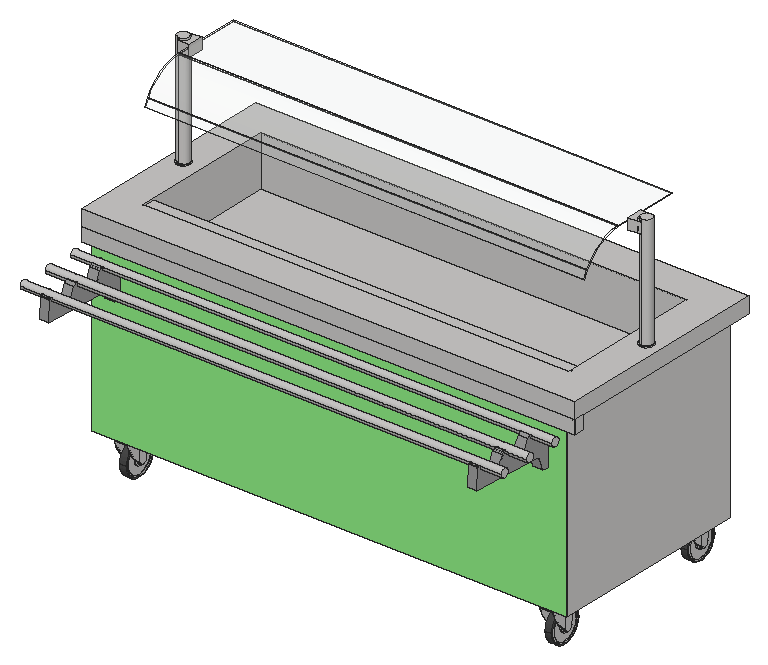
Revit family "QF_BOURGEAT_Self_Bain_marie_air_5GN", category Equipement spécialisé, Revit 2015
Parameters (values of type "5GN_reserve+roues+presentoir_neutre")
  URL catalogue = "http://www.bourgeat.fr/fr/"
  URL = ""
  Type de Raccord Electrique = ""
  Type article = ""
  Tension = 230 V
  Spécification du Fabricant = "Bain-marie Oasis"
  Roues = yes
  Remarques Electricité = ""
  Puissance électrique  = 4200 W
  Profondeur hors tout = 820 mm
  Poids net à vide = 215.00 kg
  Pieds = no
  lgmeuble = Longueur hors tout - 68 mm  # 1791 mm
  lgconsole = Longueur hors tout - 44 mm  # 1815 mm
  lg_presentoir = lgmeuble - 44 mm  # 1747 mm
  lg_porte = (lg_etagere / 2) + 10 mm  # 703.5 mm
  lg_etagere = lgmeuble - 404 mm  # 1387 mm
  Reserves = yes
  Presentoir = yes
  Phase = 2
  Nature isolant = "Laine de verre"
  Modèle = "851215+854950+851315"
  Longueur hors tout = 1859 mm
  Intensité nominale = 18.2609 A
  Indice de protection = "21"
  Hauteur hors tout = 1330 mm
  Fréquence = 50 Hz
  Fabricant = "BOURGEAT"
  Etageres = no
  Cuve à eau = no
  Cuve à air = yes
  Contact SAV = "0033 (0)4.76.32.14.44"
  Charge max = 200.00 kg
  Certification = "NF alimentaire"
Types (18, lengths in mm): name | Roues | Puissance électrique  | Poids net à vide | Pieds | Reserves | Presentoir | Modèle | Intensité nominale | Hauteur hors tout | Etageres
  5GN_baie_libre | no | 3300 W | 190.00 kg | yes | no | no | "851015" | 14.3478 A | 900 | no
  5GN_reserve | no | 4200 W | 190.00 kg | yes | yes | no | "851215" | 18.2609 A | 900 | no
  5GN_baie_libre+roues | yes | 3300 W | 190.00 kg | no | no | no | "851015+854950" | 14.3478 A | 900 | no
  5GN_baie_libre+etageres | no | 3300 W | 190.00 kg | yes | no | no | "851015+854935" | 14.3478 A | 900 | yes
  5GN_baie_libre+presentoir_neutre | no | 3300 W | 215.00 kg | yes | no | yes | "851015+851315" | 14.3478 A | 1330 | no
  5GN_baie_libre+presentoir_chauffant | no | 4100 W | 215.00 kg | yes | no | yes | "851015+851305" | 17.8261 A | 1330 | no
  5GN_baie_libre+roues+etageres | yes | 3300 W | 190.00 kg | no | no | no | "851015+854950+854935" | 14.3478 A | 900 | yes
  5GN_baie_libre+roues+presentoir_neutre | yes | 3300 W | 215.00 kg | no | no | yes | "851015+854950+851315" | 14.3478 A | 1330 | no
  5GN_baie_libre+roues+presentoir_chauffant | yes | 4100 W | 215.00 kg | no | no | yes | "851015+854950+851305" | 17.8261 A | 1330 | no
  5GN_baie_libre+etageres+presentoir_neutre | no | 3300 W | 215.00 kg | yes | no | yes | "851015+854935+851315" | 14.3478 A | 1330 | yes
  5GN_baie_libre+etageres+presentoir_chauffant | no | 4100 W | 215.00 kg | yes | no | yes | "851015+854935+851305" | 17.8261 A | 1330 | yes
  5GN_baie_libre+etageres+presentoir_chauffant+roues | yes | 4100 W | 215.00 kg | no | no | yes | "851015+854935+851305+854950" | 17.8261 A | 1330 | yes
  5GN_baie_libre+etageres+presentoir_neutre+roues | no | 3300 W | 215.00 kg | yes | no | yes | "851015+854935+851315+854950" | 14.3478 A | 1330 | yes
  5GN_reserve+roues | yes | 4200 W | 190.00 kg | no | yes | no | "851215+854950" | 18.2609 A | 900 | no
  5GN_reserve+presentoir_neutre | no | 4200 W | 215.00 kg | yes | yes | yes | "851215+851315" | 18.2609 A | 1330 | no
  5GN_reserve+presentoir_chauffant | no | 5000 W | 215.00 kg | yes | yes | yes | "851215+851315" | 21.7391 A | 1330 | no
  5GN_reserve+roues+presentoir_neutre | yes | 4200 W | 215.00 kg | no | yes | yes | "851215+854950+851315" | 18.2609 A | 1330 | no
  5GN_reserve+roues+presentoir_chauffant | yes | 5000 W | 215.00 kg | no | yes | yes | "851215+854950+851305" | 21.7391 A | 1330 | no
Reference planes
  plane 1 "Centre (avant/arrière)": y = 0
  plane 2: z = 0
  plane 3 "Centre (gauche/droite)": x = 0
  plane 4: z = 235
  plane 5: z = 465
  plane 6: y = 820
  plane 7: z = 284
  plane 8: z = 640
  plane 9: y = 598
  plane 10: x = -2081
  plane 11: z = 765
  plane 12: x = -2060
  plane 13: x = -448.75
Forms (mm)
  Extrusion 1, solid
    sketch origin (0, 0, 0) x (1, 0, 0) y (0, 1, 0)
      loop
        circle (-2081, 598) r 10
    from 147.743 to 160
Dimensions and locks
  locked: nested 2 to plane 2 at 905
  locked: plane 4 to plane 2 at 235
  locked: plane 6 to nested 1 at 47
  locked: plane 7 to plane 2 at 284
  nested 1 to plane 2 = 160 mm
  locked: plane 8 to plane 2 at 640
  locked: nested 1 to plane 10 at 69
  locked: nested 1 to plane 9 at 175
  locked: nested 11 to plane 11 at 135
  locked: nested 1 to plane 12 at 90
  nested 1 to plane 13 = 89.75 mm
  locked: plane 13 to nested 1 at 89.75
  aligned and locked: level to plane 2
  aligned and locked: plane 4 to nested 8
  aligned and locked: nested 9 to plane 5
  aligned and locked: nested 7 to nested 8
  aligned and locked: nested 9 to nested 1  (x2)
  aligned and locked: nested 7 to nested 1
  aligned and locked: nested 8 to nested 1  (x2)
  aligned and locked: plane 6 to nested 11
  aligned and locked: plane 6 to nested 10
  aligned and locked: nested 10 to nested 1  (x2)
  aligned and locked: nested 11 to nested 10
  aligned and locked: nested 11 to plane 1 "Centre (avant/arrière)"  (x2)
  aligned and locked: nested 1 to nested 2
  aligned and locked: nested 2 to nested 11
  aligned and locked: nested 11 to nested 1
  aligned and locked: nested 4 to nested 11
  aligned and locked: nested 12 to nested 1
  aligned and locked: nested 12 to nested 9
  aligned and locked: nested 12 to nested 13
  aligned and locked: plane 2 to nested 4
  aligned and locked: nested 5 to plane 2
  aligned and locked: nested 6 to plane 2
  aligned and locked: nested 11 to nested 5
  aligned and locked: nested 11 to nested 6
  aligned and locked: nested 11 to nested 2
  aligned and locked: nested 1 to nested 14  (x2)
  aligned and locked: nested 14 to nested 1
  aligned and locked: nested 11 to nested 15
  aligned and locked: nested 3 to nested 11
  aligned and locked: nested 16 to nested 14  (x2)
  aligned and locked: nested 1 to nested 16
  aligned and locked: nested 15 to plane 7
  aligned and locked: nested 3 to nested 17  (x2)
  aligned and locked: nested 4 to nested 18  (x2)
  aligned and locked: nested 6 to nested 19  (x2)
  aligned and locked: nested 5 to nested 20  (x2)
  aligned and locked: plane 8 to nested 7
  aligned and locked: plane 10 to Extrusion 1 sketch curve
  aligned and locked: plane 9 to Extrusion 1 sketch curve
  aligned and locked: Extrusion 1 to nested 1
  aligned and locked: nested 1 to nested 21
  aligned and locked: nested 1 to nested 22
  aligned and locked: plane 11 to nested 21
  aligned and locked: nested 21 to plane 12
  aligned and locked: nested 13 to nested 1
  aligned and locked: nested 22 to plane 11
  aligned and locked: nested 22 to plane 13
Nested families
  nested 1: "corps_meuble" at (-359, 8, 160), type "corps_meuble"
    with lg_meuble 1791 mm
  nested 2: "presentoir" at (-1254.5, 410, 551.997) x (0, 1, 0) z (0, 0, 1), visible <- "Presentoir", type "presentoir"
    with lg_presentoir 1747 mm
  nested 3: "pied" at (-2057, 720, 0), visible <- "Pieds", type "pied"
  nested 4: "pied" at (-2057, 58.814, 0), visible <- "Pieds", type "pied"
  nested 5: "pied" at (-452, 700, 0), visible <- "Pieds", type "pied"
  nested 6: "pied" at (-452, 58.814, 0), visible <- "Pieds", type "pied"
  nested 7: "barre_et_console" at (-1254.5, 8, 465) x (-1, 0, 0) z (0, 0, 1), type "barre_et_console"
    with lg_barre_console 1815 mm
  nested 8: "etagere" at (-1254.5, 88, 197) x (-1, 0, 0) z (0, 0, 1), visible <- "Etageres", type "etagere"
    with lg_etagere 1387 mm
  nested 9: "etagere" at (-1254.5, 88, 427) x (-1, 0, 0) z (0, 0, 1), visible <- "Etageres", type "etagere"
    with lg_etagere 1387 mm
  nested 10: "cuve" at (-1254.5, 410, 708), visible <- "Cuve à air", type "cuve_air"
    with lg_cuve 1859 mm, lg_bloc_ventillation 1605 mm
  nested 11: "cuve" at (-1254.5, 410, 708), visible <- "Cuve à eau", type "cuve_eau"
    with lg_cuve 1859 mm, lg_bloc_ventillation 1605 mm
  nested 12: "porte" at (-1244.5, 735, 160), visible <- "Reserves", type "porte"
    with lg_porte 703.5 mm
  nested 13: "porte" at (-561, 757, 160), visible <- "Reserves", type "porte"
    with lg_porte 703.5 mm
  nested 14: "bandeau" at (-1254.5, 773, 657), type "bandeau"
    with lg_bandeau 1387 mm
  nested 15: "IHM" at (-3637.78, 529.137, -323.91) x (-1, 0, 0) z (0, 0, 1), type "IHM"
  nested 16: "rail_porte" at (-1254.5, 763, 567), visible <- "Reserves", type "rail_porte"
    with lg_rail 1387 mm
  nested 17: "roue_ht160" at (-2057, 720, 0), visible <- "Roues", type "roue_ht160"
    with Sans frein yes, Avec frein yes
  nested 18: "roue_ht160" at (-2057, 58.814, 0), visible <- "Roues", type "roue_ht160"
    with Sans frein yes, Avec frein no
  nested 19: "roue_ht160" at (-452, 58.814, 0), visible <- "Roues", type "roue_ht160"
    with Sans frein yes, Avec frein no
  nested 20: "roue_ht160" at (-452, 700, 0), visible <- "Roues", type "roue_ht160"
    with Sans frein yes, Avec frein yes
  nested 21: "Prise" at (-2017, 798, 722), type "Prise"
  nested 22: "Prise" at (-491.75, 798, 722), type "Prise"
Connectors
  electrical at (-2081, 598, 147.743), driven by "Tension"
    settings: on Extrusion 1, index 1, voltage 230 V, apparent load 0 VA, apparent load phase1 3300 VA, apparent load phase2 0 VA, apparent load phase3 0 VA, power factor 1, load classification "Autre", number of poles 1, system type 30, power factor state 1, is connector primary yes, connector utility no, sub classification motor no, connector description ""
Definition of nested family "corps_meuble"
  Parameters (values of type "corps_meuble")
    lg_meuble = 1141 mm
  Reference planes
    plane 1 "Centre (avant/arrière)": y = 0
    plane 2: z = 0
    plane 3 "Centre (gauche/droite)": x = 0
    plane 4: x = -480.227
    plane 5: z = 680
    plane 6: x = -570.5
    plane 7: x = -379.227
    plane 8: x = -1141
    plane 9: x = -1091
    plane 10: x = -202
    plane 11: x = -50
    plane 12: x = -939
    plane 13: y = -1
  Forms (mm)
    Extrusion 1, solid
      sketch origin (-379.227, -50.814, 0) x (1, 0, 0) y (0, 1, 0)
        loop
          line (-761.773, 815.814) -> (-761.773, 50.814) -> (379.227, 50.814) -> (379.227, 815.814) -> (177.227, 815.814) -> (177.227, 130.814) -> (-559.773, 130.814) -> (-559.773, 815.814) -> (-761.773, 815.814)
      from 0 to 680
    Extrusion 2, void
      sketch origin (-379.227, 0, 0) x (1, 0, 0) y (0, 1, 0)
        loop
          line (-711.773, 699.99) -> (-711.773, 119.99) -> (329.227, 119.99) -> (329.227, 699.99) -> (-711.773, 699.99)
      from 541.178 to 680
    Extrusion 3, solid
      sketch origin (0, 0, 0) x (1, 0, 0) y (0, 0, 1)
        loop
          line (-1141, 680) -> (-1141, 0) -> (0, 0) -> (0, 680) -> (-1141, 680)
      from 0 to 1
  Cuts and joins
    Extrusion 2 cuts Extrusion 1
  Dimensions and locks
    locked: plane 5 to plane 2 at 680
    locked: plane 8 to plane 9 at 50
    locked: plane 10 to plane 3 "Centre (gauche/droite)" at 202
    locked: plane 11 to plane 3 "Centre (gauche/droite)" at 50
    equal spacing: plane 8, plane 6, plane 3 "Centre (gauche/droite)"
    "lg_meuble": plane 8 to plane 3 "Centre (gauche/droite)"
    locked: plane 8 to plane 12 at 202
    aligned and locked: level to plane 2
    aligned and locked: plane 5 to Extrusion 1
    aligned and locked: cut or joined group of Extrusion 1, Extrusion 2 to plane 8
    aligned and locked: Extrusion 2 to plane 9
    aligned and locked: Extrusion 1 to plane 10
    aligned and locked: plane 11 to cut or joined group of Extrusion 1, Extrusion 2
    aligned and locked: plane 12 to cut or joined group of Extrusion 1, Extrusion 2
    aligned and locked: Extrusion 3 sketch curve to cut or joined group of Extrusion 1, Extrusion 2  (x4)
    aligned and locked: Extrusion 3 to plane 13
  Automatic sketch dimensions
    Extrusion 1 sketch curve to plane 8 = 0 mm
    Extrusion 1 sketch curve to plane 10 = 0 mm
    plane 1 "Centre (avant/arrière)" to Extrusion 1 sketch curve = 0 mm
    Extrusion 1 sketch curve to plane 3 "Centre (gauche/droite)" = 0 mm
    Extrusion 1 sketch curve to plane 1 "Centre (avant/arrière)" = 80 mm
    Extrusion 1 sketch curve to plane 6 = 368.5 mm
    Extrusion 1 sketch curve to Extrusion 1 sketch curve = 685 mm
    Extrusion 1 sketch curve to Extrusion 1 sketch curve = 765 mm
    Extrusion 2 sketch curve to plane 9 = 0 mm
    Extrusion 2 sketch curve to plane 11 = 0 mm
    Extrusion 2 sketch curve to plane 1 "Centre (avant/arrière)" = 119.99 mm
    Extrusion 2 sketch curve to Extrusion 2 sketch curve = 580 mm
Definition of nested family "presentoir"
  Parameters (values of type "presentoir")
    lg_presentoir = 1097 mm
  Reference planes
    plane 1 "Centre (avant/arrière)": y = 0
    plane 2: z = 0
    plane 3 "Centre (gauche/droite)": x = 0
    plane 4: x = 0
    plane 5: y = 0
    plane 6: z = 348.003
    plane 7: z = 775.003
    plane 8: z = 353.003
    plane 9: z = 770.54
    plane 10: z = 727.003
    plane 11: y = 548.5
    plane 12: y = -548.5
    plane 13: y = 548.5
    plane 14: y = -548.5
  Forms (mm)
    Extrusion 1, solid
      sketch origin (0, 0, 0) x (1, 0, 0) y (0, 0, 1)
        loop
          line (-240.07, 650.474) -> (-234.874, 647.474) -> (-219.875, 673.453)
          arc (-219.875, 673.453) -> (-158.748, 734.58) -> (-75.248, 756.953) r 167
          line (-75.248, 756.953) -> (179.75, 756.953) -> (179.75, 762.953) -> (-75.248, 762.953)
          arc (-75.248, 762.953) -> (-161.33, 740.45) -> (-224.372, 677.664) r 170.59
          line (-224.372, 677.664) -> (-240.07, 650.474)
      from -503.5 to 503.5
    Extrusion 2, solid
      sketch origin (0, 0, 0) x (1, 0, 0) y (0, 1, 0)
        loop
          line (-25, 548.5) -> (-30.461, 503.5) -> (30.461, 503.5) -> (25, 548.5)
          arc (25, 548.5) -> (0, 523.5) -> (-25, 548.5) r 25
        loop
          arc (-25, -548.5) -> (0, -523.5) -> (25, -548.5) r 25
          line (25, -548.5) -> (30.461, -503.5) -> (-30.461, -503.5) -> (-25, -548.5)
      from 727.003 to 770.54
    Extrusion 3, solid
      sketch origin (0, -396.5, 0) x (1, 0, 0) y (0, 1, 0)
        loop
          circle (0, 945) r 21.2
        loop
          circle (0, -152) r 21.2
      from 353.003 to 775.003
    Revolve 4, solid
      sketch origin (0, 0, 0) x (0, 1, 0) y (0, 0, 1)
        loop
          line (-548.5, 353.003) -> (-569.7, 353.003) -> (-573.5, 349.203) -> (-573.5, 348.003) -> (-548.5, 348.003) -> (-548.5, 353.003)
        axis (-548.5, 353.003) -> (-548.5, 348.003)
      angle from 0 to 360
    Revolve 5, solid
      sketch origin (0, 0, 0) x (0, -1, 0) y (0, 0, 1)
        loop
          line (-548.5, 353.003) -> (-569.7, 353.003) -> (-573.5, 349.203) -> (-573.5, 348.003) -> (-548.5, 348.003) -> (-548.5, 353.003)
        axis (-548.5, 353.003) -> (-548.5, 348.003)
      angle from 0 to 360
  Dimensions and locks
    equal spacing: plane 11, plane 1 "Centre (avant/arrière)", plane 12
    "lg_presentoir": plane 11 to plane 12
    locked: Extrusion 2 sketch curve to plane 14 at 45
    locked: plane 13 to Extrusion 2 sketch curve at 45
    aligned and locked: level to plane 2
    aligned and locked: plane 3 "Centre (gauche/droite)" to plane 4
    aligned and locked: Extrusion 3 to plane 7
    aligned and locked: plane 8 to Extrusion 3
    aligned and locked: Extrusion 2 to plane 9
    aligned and locked: plane 10 to Extrusion 2
    aligned and locked: plane 1 "Centre (avant/arrière)" to plane 5
    aligned and locked: plane 11 to Extrusion 3
    aligned and locked: plane 12 to Extrusion 3
    aligned and locked: plane 13 to plane 11
    aligned and locked: plane 14 to plane 12
    aligned and locked: Extrusion 1 to Extrusion 2  (x2)
  Automatic sketch dimensions
    Extrusion 1 sketch curve to plane 3 "Centre (gauche/droite)" = 240.07 mm
    plane 10 to Extrusion 1 sketch curve = 79.529 mm
    Extrusion 1 sketch curve to Extrusion 1 sketch curve = 5.196 mm
    plane 10 to Extrusion 1 sketch curve = 49.34 mm
    Extrusion 1 sketch curve to Extrusion 1 sketch curve = 15.698 mm
    plane 10 to Extrusion 1 sketch curve = 53.55 mm
    Extrusion 1 sketch curve to plane 3 "Centre (gauche/droite)" = 76.636 mm
    Extrusion 1 sketch curve to Extrusion 1 sketch curve = 1.388 mm
    Extrusion 1 sketch curve to Extrusion 1 sketch curve = 0 mm
    plane 9 to Extrusion 1 sketch curve = 13.587 mm
    plane 3 "Centre (gauche/droite)" to Extrusion 1 sketch curve = 179.75 mm
    Extrusion 1 sketch curve to Extrusion 1 sketch curve = 2.415 mm
    Extrusion 2 sketch curve to plane 14 = 0 mm
    plane 11 to Extrusion 2 sketch curve = 0 mm
    Extrusion 2 sketch curve to plane 3 "Centre (gauche/droite)" = 0 mm  (x2)
    Extrusion 2 sketch curve to Extrusion 2 sketch curve = 25 mm  (x2)
    Extrusion 2 sketch curve to plane 3 "Centre (gauche/droite)" = 30.461 mm  (x2)
    plane 3 "Centre (gauche/droite)" to Extrusion 2 sketch curve = 30.461 mm  (x2)
    Extrusion 3 sketch curve to plane 3 "Centre (gauche/droite)" = 0 mm  (x2)
    Extrusion 3 sketch curve to plane 12 = 0 mm
    plane 11 to Extrusion 3 sketch curve = 0 mm
    Revolve 4 sketch curve to plane 6 = 0 mm
    Revolve 4 sketch curve to plane 8 = 0 mm
    Revolve 4 sketch curve to plane 12 = 0 mm  (x2)
    Revolve 4 sketch curve to Revolve 4 sketch curve = 21.2 mm
    Revolve 4 sketch curve to Revolve 4 sketch curve = 3.8 mm
    Revolve 4 sketch curve to Revolve 4 sketch curve = 1.2 mm
    Revolve 4 sketch curve to plane 6 = 14.256 mm
    plane 8 to Revolve 4 sketch curve = 30.744 mm
    Revolve 5 sketch curve to plane 6 = 0 mm
    plane 8 to Revolve 5 sketch curve = 0 mm
    Revolve 5 sketch curve to plane 11 = 0 mm  (x2)
    Revolve 5 sketch curve to plane 11 = 21.2 mm
    Revolve 5 sketch curve to Revolve 5 sketch curve = 3.8 mm
    Revolve 5 sketch curve to Revolve 5 sketch curve = 1.2 mm
    plane 6 to Revolve 5 sketch curve = 14.256 mm
    Revolve 5 sketch curve to Revolve 5 sketch curve = 30.744 mm
    radius of Extrusion 3 sketch curve = 21.2 mm  (x2)
Definition of nested family "pied"
  Reference planes
    plane 1 "Centre (avant/arrière)": y = 0
    plane 2: z = 0
    plane 3 "Centre (gauche/droite)": x = 0
  Forms (mm)
    Revolve 1, solid
      sketch origin (0, 0, 0) x (1, 0, 0) y (0, 0, 1)
        loop
          line (0, 160) -> (-33, 160) -> (-33, 70) -> (-28, 70) -> (-28, 0) -> (0, 0) -> (0, 160)
        axis (0, 160) -> (0, 0)
      angle from 0 to 360
  Dimensions and locks
    plane 3 "Centre (gauche/droite)" to Revolve 1 sketch curve = 28 mm
    Revolve 1 sketch curve to plane 3 "Centre (gauche/droite)" = 33 mm
    Revolve 1 sketch curve to plane 2 = 70 mm
    Revolve 1 sketch curve to Revolve 1 sketch curve = 90 mm
    aligned and locked: level to plane 2
Definition of nested family "barre_et_console"
  Parameters (values of type "barre_et_console")
    lg_barre_console = 1165 mm
  Reference planes
    plane 1 "Centre (avant/arrière)": y = 0
    plane 2: z = 0
    plane 3 "Centre (gauche/droite)": x = 0
    plane 4: x = -582.5
    plane 5: x = 582.5
    plane 6: x = -482.5
    plane 7: x = 482.5
    plane 8: z = 320.378
    plane 9: z = 175
  Dimensions and locks
    locked: plane 4 to plane 6 at 100
    locked: plane 7 to plane 5 at 100
    equal spacing: plane 4, plane 3 "Centre (gauche/droite)", plane 5
    "lg_barre_console": plane 4 to plane 5
    aligned and locked: level to plane 2
    aligned and locked: nested 1 to plane 1 "Centre (avant/arrière)"
    aligned and locked: plane 6 to nested 1
    aligned and locked: plane 7 to nested 2
    aligned and locked: plane 5 to nested 3
    aligned and locked: nested 3 to plane 4
    aligned and locked: plane 8 to nested 3
    aligned and locked: plane 9 to nested 1
  Nested families
    nested 1: "console" at (-482.5, 0, 0) x (0, 1, 0) z (0, 0, 1), type "console"
    nested 2: "console" at (482.5, 0, 0) x (0, 1, 0) z (0, 0, 1), type "console"
    nested 3: "barre" at (582.5, 0, 19.415) x (0, 1, 0) z (0, 0, 1), type "barre"
  Definition of nested family "console"
    Reference planes
      plane 1 "Centre (avant/arrière)": y = 0
      plane 2: z = 0
      plane 3 "Centre (gauche/droite)": x = 0
      plane 4: y = 18
      plane 5: y = -18
      plane 6: y = 0
    Forms (mm)
      Extrusion 1, solid
        sketch origin (-12.245, 0, 175) x (1, 0, 0) y (0, 0, 1)
          loop
            line (12.245, 100) -> (12.245, 0) -> (39.579, 4.82) -> (50.894, 44.279)
            arc (50.894, 44.279) -> (55.986, 52.254) -> (64.592, 56.187) r 16.714
            line (64.592, 56.187) -> (348.499, 69.146) -> (343.309, 143.358)
            arc (343.309, 143.358) -> (342.973, 144.595) -> (342.189, 145.609) r 3.292
            line (342.189, 145.609) -> (337.923, 148.439)
            arc (337.923, 148.439) -> (337.371, 148.545) -> (336.906, 148.229) r 0.731
            arc (336.906, 148.229) -> (320.176, 130.386) -> (309.012, 152.149) r 14.958
            arc (309.012, 152.149) -> (308.597, 152.587) -> (308.001, 152.491) r 0.646
            line (308.001, 152.491) -> (297.265, 144.401) -> (278.874, 108.385)
            arc (278.874, 108.385) -> (262.102, 99.164) -> (245.329, 108.385) r 19.864
            line (245.329, 108.385) -> (229.634, 139.188) -> (217.945, 148.321)
            arc (217.945, 148.321) -> (217.306, 148.53) -> (216.976, 147.944) r 0.53
            arc (216.976, 147.944) -> (200.124, 130.629) -> (188.973, 152.064) r 14.905
            arc (188.973, 152.064) -> (188.691, 152.524) -> (188.154, 152.476) r 0.511
            line (188.154, 152.476) -> (177.098, 144.144) -> (158.855, 108.341)
            arc (158.855, 108.341) -> (142.039, 98.901) -> (125.223, 108.341) r 19.698
            line (125.223, 108.341) -> (109.334, 139.526) -> (97.932, 148.434)
            arc (97.932, 148.434) -> (97.187, 148.438) -> (96.994, 147.718) r 0.61
            arc (96.994, 147.718) -> (79.923, 130.663) -> (69.024, 152.192) r 14.902
            arc (69.024, 152.192) -> (68.66, 152.548) -> (68.158, 152.464) r 0.563
            line (68.158, 152.464) -> (57.103, 144.336) -> (39.164, 108.745)
            arc (39.164, 108.745) -> (33.443, 102.448) -> (25.295, 100) r 15.908
            line (25.295, 100) -> (12.245, 100)
        from -18 to 18
    Dimensions and locks
      plane 4 to plane 5 = 36 mm
      equal spacing: plane 4, plane 6, plane 5, locked at 18 each
      aligned and locked: level to plane 2
      aligned and locked: plane 4 to Extrusion 1
      aligned and locked: Extrusion 1 to plane 5
      aligned and locked: plane 6 to plane 1 "Centre (avant/arrière)"
      aligned and locked: Extrusion 1 to plane 3 "Centre (gauche/droite)"
    Automatic sketch dimensions
      Extrusion 1 sketch curve to Extrusion 1 sketch curve = 12.714 mm
      Extrusion 1 sketch curve to Extrusion 1 sketch curve = 13.05 mm
      Extrusion 1 sketch curve to Extrusion 1 sketch curve = 14.206 mm
      Extrusion 1 sketch curve to Extrusion 1 sketch curve = 27.334 mm
      Extrusion 1 sketch curve to Extrusion 1 sketch curve = 11.315 mm
      Extrusion 1 sketch curve to Extrusion 1 sketch curve = 17.938 mm
      Extrusion 1 sketch curve to Extrusion 1 sketch curve = 13.698 mm
      Extrusion 1 sketch curve to Extrusion 1 sketch curve = 16.057 mm
      Extrusion 1 sketch curve to Extrusion 1 sketch curve = 11.055 mm
      Extrusion 1 sketch curve to Extrusion 1 sketch curve = 0.333 mm
      Extrusion 1 sketch curve to Extrusion 1 sketch curve = 13.785 mm
      Extrusion 1 sketch curve to Extrusion 1 sketch curve = 15.28 mm
      Extrusion 1 sketch curve to Extrusion 1 sketch curve = 0.376 mm
      Extrusion 1 sketch curve to Extrusion 1 sketch curve = 11.401 mm
      Extrusion 1 sketch curve to Extrusion 1 sketch curve = 15.89 mm
      Extrusion 1 sketch curve to Extrusion 1 sketch curve = 16.816 mm  (x2)
      Extrusion 1 sketch curve to Extrusion 1 sketch curve = 18.243 mm
      Extrusion 1 sketch curve to Extrusion 1 sketch curve = 11.057 mm
      Extrusion 1 sketch curve to Extrusion 1 sketch curve = 0.308 mm
      Extrusion 1 sketch curve to Extrusion 1 sketch curve = 13.831 mm
      Extrusion 1 sketch curve to Extrusion 1 sketch curve = 15.204 mm
      Extrusion 1 sketch curve to Extrusion 1 sketch curve = 0.447 mm
      Extrusion 1 sketch curve to Extrusion 1 sketch curve = 11.69 mm
      Extrusion 1 sketch curve to Extrusion 1 sketch curve = 15.695 mm
      Extrusion 1 sketch curve to Extrusion 1 sketch curve = 16.772 mm  (x2)
      Extrusion 1 sketch curve to Extrusion 1 sketch curve = 18.391 mm
      Extrusion 1 sketch curve to Extrusion 1 sketch curve = 10.737 mm
      Extrusion 1 sketch curve to Extrusion 1 sketch curve = 0.389 mm
      Extrusion 1 sketch curve to Extrusion 1 sketch curve = 13.868 mm
      Extrusion 1 sketch curve to Extrusion 1 sketch curve = 15.261 mm
      Extrusion 1 sketch curve to Extrusion 1 sketch curve = 0.404 mm
      Extrusion 1 sketch curve to Extrusion 1 sketch curve = 2.506 mm
      Extrusion 1 sketch curve to Extrusion 1 sketch curve = 2.164 mm
      Extrusion 1 sketch curve to Extrusion 1 sketch curve = 1.12 mm
      Extrusion 1 sketch curve to Extrusion 1 sketch curve = 5.189 mm
      Extrusion 1 sketch curve to Extrusion 1 sketch curve = 4.639 mm
      Extrusion 1 sketch curve to Extrusion 1 sketch curve = 55.721 mm
      Extrusion 1 sketch curve to Extrusion 1 sketch curve = 8.745 mm
      Extrusion 1 sketch curve to Extrusion 1 sketch curve = 10.259 mm
      Extrusion 1 sketch curve to Extrusion 1 sketch curve = 10.642 mm
      Extrusion 1 sketch curve to Extrusion 1 sketch curve = 9.133 mm
      Extrusion 1 sketch curve to Extrusion 1 sketch curve = 31.185 mm
      Extrusion 1 sketch curve to Extrusion 1 sketch curve = 35.803 mm
      Extrusion 1 sketch curve to Extrusion 1 sketch curve = 35.592 mm
      Extrusion 1 sketch curve to Extrusion 1 sketch curve = 3.24 mm
      Extrusion 1 sketch curve to Extrusion 1 sketch curve = 2.946 mm
      Extrusion 1 sketch curve to Extrusion 1 sketch curve = 1.042 mm
      Extrusion 1 sketch curve to Extrusion 1 sketch curve = 0.609 mm
      Extrusion 1 sketch curve to Extrusion 1 sketch curve = 8.427 mm
      Extrusion 1 sketch curve to Extrusion 1 sketch curve = 0.286 mm
      Extrusion 1 sketch curve to Extrusion 1 sketch curve = 0.481 mm
      Extrusion 1 sketch curve to Extrusion 1 sketch curve = 0.516 mm
      Extrusion 1 sketch curve to Extrusion 1 sketch curve = 7.674 mm
      Extrusion 1 sketch curve to Extrusion 1 sketch curve = 7.924 mm
      Extrusion 1 sketch curve to Extrusion 1 sketch curve = 0.453 mm
      Extrusion 1 sketch curve to Extrusion 1 sketch curve = 0.408 mm
      Extrusion 1 sketch curve to Extrusion 1 sketch curve = 0.533 mm
      Extrusion 1 sketch curve to Extrusion 1 sketch curve = 0.511 mm
      Extrusion 1 sketch curve to Extrusion 1 sketch curve = 0.622 mm
      Extrusion 1 sketch curve to Extrusion 1 sketch curve = 4.82 mm
      Extrusion 1 sketch curve to Extrusion 1 sketch curve = 34.82 mm
      Extrusion 1 sketch curve to Extrusion 1 sketch curve = 76.232 mm
      Extrusion 1 sketch curve to Extrusion 1 sketch curve = 37.038 mm
      Extrusion 1 sketch curve to Extrusion 1 sketch curve = 39.239 mm
      Extrusion 1 sketch curve to Extrusion 1 sketch curve = 30.803 mm
      Extrusion 1 sketch curve to Extrusion 1 sketch curve = 34.743 mm
      Extrusion 1 sketch curve to Extrusion 1 sketch curve = 0.23 mm
      Extrusion 1 sketch curve to Extrusion 1 sketch curve = 36.015 mm
      Extrusion 1 sketch curve to Extrusion 1 sketch curve = 2.071 mm
      Extrusion 1 sketch curve to Extrusion 1 sketch curve = 7.575 mm
      Extrusion 1 sketch curve to plane 3 "Centre (gauche/droite)" = 0 mm
      level to Extrusion 1 sketch curve = 175 mm
  Definition of nested family "barre"
    Parameters (values of type "barre")
      lg_barre = 1165 mm
    Reference planes
      plane 1 "Centre (avant/arrière)": y = 0
      plane 2: z = 0
      plane 3 "Centre (gauche/droite)": x = 0
      plane 4: x = 70
      plane 5: x = 190
      plane 6: x = 309
      plane 7: z = 300.963
      plane 8: z = 94.658
      plane 9: y = 0
      plane 10: y = 1165
    Forms (mm)
      Extrusion 1, solid
        sketch origin (0, 0, 0) x (1, 0, 0) y (0, 0, 1)
          loop
            circle (70, 300.963) r 15
          loop
            circle (190, 300.963) r 15
          loop
            circle (309, 300.963) r 15
        from 0 to -1165
    Dimensions and locks
      plane 4 to plane 3 "Centre (gauche/droite)" = 70 mm
      plane 6 to plane 5 to plane 4 = 119 mm, 120 mm
      "lg_barre": plane 10 to plane 1 "Centre (avant/arrière)"
      aligned and locked: level to plane 2
      aligned and locked: Extrusion 1 to plane 9
      aligned and locked: plane 9 to plane 1 "Centre (avant/arrière)"
      aligned and locked: plane 10 to Extrusion 1
    Automatic sketch dimensions
      Extrusion 1 sketch curve to plane 4 = 0 mm
      Extrusion 1 sketch curve to plane 5 = 0 mm
      Extrusion 1 sketch curve to plane 6 = 0 mm
      Extrusion 1 sketch curve to plane 7 = 0 mm  (x3)
      radius of Extrusion 1 sketch curve = 15 mm  (x3)
Definition of nested family "etagere"
  Parameters (values of type "etagere")
    lg_etagere = 1712 mm
  Reference planes
    plane 1 "Centre (avant/arrière)": y = 0
    plane 2: z = 0
    plane 3 "Centre (gauche/droite)": x = 0
    plane 4: y = -625
    plane 5: y = -623
    plane 6: y = -2
    plane 7: x = 0
  Forms (mm)
    Extrusion 1, solid
      sketch origin (0, 0, 0) x (0, 1, 0) y (0, 0, 1)
        loop
          line (0, 119.481) -> (-2, 119.481) -> (-2, 40) -> (-625, 40) -> (-625, 0) -> (-623, 0) -> (-623, 38) -> (0, 38) -> (0, 119.481)
      from -856 to 856
  Dimensions and locks
    locked: plane 6 to plane 1 "Centre (avant/arrière)" at 2
    locked: plane 4 to plane 5 at 2
    plane 4 to plane 1 "Centre (avant/arrière)" = 625 mm
    equal spacing: Extrusion 1, plane 7, Extrusion 1
    "lg_etagere": Extrusion 1 to Extrusion 1
    aligned and locked: level to plane 2
    aligned and locked: plane 2 to Extrusion 1 sketch curve
    aligned and locked: plane 1 "Centre (avant/arrière)" to Extrusion 1 sketch curve
    aligned and locked: plane 4 to Extrusion 1
    aligned and locked: plane 5 to Extrusion 1
    aligned and locked: Extrusion 1 to plane 6
    aligned and locked: plane 3 "Centre (gauche/droite)" to plane 7
  Automatic sketch dimensions
    Extrusion 1 sketch curve to plane 4 = 0 mm
    Extrusion 1 sketch curve to plane 5 = 0 mm
    Extrusion 1 sketch curve to plane 6 = 0 mm
    level to Extrusion 1 sketch curve = 38 mm
    Extrusion 1 sketch curve to Extrusion 1 sketch curve = 2 mm
    Extrusion 1 sketch curve to Extrusion 1 sketch curve = 79.481 mm
Definition of nested family "cuve"
  Parameters (values of type "cuve_eau")
    type_cuve = 178 mm
    lg_cuve = 1209 mm
    lg_bloc_ventillation = lg_cuve - 254 mm  # 955 mm
    bloc_ventillation = no
  Types (2, lengths in mm): name | type_cuve | bloc_ventillation
    cuve_air | 132 | yes
    cuve_eau | 178 | no
  Reference planes
    plane 1 "Centre (avant/arrière)": y = 0
    plane 2: z = 0
    plane 3 "Centre (gauche/droite)": x = 0
    plane 4: y = 410
    plane 5: y = -410
    plane 6: x = -604.5
    plane 7: x = 604.5
    plane 8: z = 192
    plane 9: y = 232
    plane 10: y = -278
    plane 11: x = 477.5
    plane 12: x = -477.5
    plane 13: z = 2
    plane 14: y = -280
    plane 15: x = -479.5
    plane 16: y = 234
    plane 17: x = 479.5
    plane 18: z = 132
    plane 19: y = -408
    plane 20: z = 82
  Forms (mm)
    Extrusion 1, solid
      sketch origin (12, -10, 0) x (1, 0, 0) y (0, 1, 0)
        loop
          line (-616.5, 420) -> (-616.5, -400) -> (592.5, -400) -> (592.5, 420) -> (-616.5, 420)
      from 0 to 192
    Extrusion 2, void
      sketch origin (0, 0, 0) x (1, 0, 0) y (0, 1, 0)
        loop
          line (-477.5, 232) -> (-477.5, -278) -> (477.5, -278) -> (477.5, 232) -> (-477.5, 232)
      from 2 to 250
    Extrusion 3, void
      sketch origin (0, 0, 0) x (1, 0, 0) y (0, 1, 0)
        loop
          line (-479.5, 234) -> (-479.5, -280) -> (479.5, -280) -> (479.5, 234) -> (-479.5, 234)
        loop
          line (-674.5, 480) -> (-674.5, -480) -> (674.5, -480) -> (674.5, 480) -> (-674.5, 480)
      from 0 to 132
    Extrusion 4, solid
      sketch origin (0, 0, 0) x (1, 0, 0) y (0, 1, 0)
        loop
          line (-604.5, -408) -> (-604.5, -410) -> (604.5, -410) -> (604.5, -408) -> (-604.5, -408)
      from 82 to 132
    Extrusion 5, solid
      sketch origin (0, 0, 0) x (0, 1, 0) y (0, 0, 1)
        loop
          line (-408, 82) -> (-370, 82) -> (-370, 132) -> (-408, 132) -> (-408, 82)
      from -604.5 to 604.5
  Cuts and joins
    Extrusion 2, Extrusion 3 cuts Extrusion 1
  Dimensions and locks
    equal spacing: plane 4, plane 1 "Centre (avant/arrière)", plane 5, locked at 410 each
    plane 4 to plane 5 = 820 mm
    equal spacing: plane 6, plane 3 "Centre (gauche/droite)", plane 7
    "lg_cuve": plane 6 to plane 7
    locked: plane 8 to plane 2 at 192
    locked: plane 13 to plane 2 at 2
    locked: plane 5 to plane 10 at 132
    "type_cuve": plane 4 to plane 9
    locked: plane 11 to plane 7 at 127
    locked: plane 6 to plane 12 at 127
    locked: plane 16 to plane 9 at 2
    locked: plane 15 to plane 12 at 2
    locked: plane 14 to plane 10 at 2
    locked: plane 11 to plane 17 at 2
    locked: Extrusion 3 sketch curve to plane 6 at 70
    locked: Extrusion 3 sketch curve to plane 5 at 70
    locked: plane 7 to Extrusion 3 sketch curve at 70
    locked: Extrusion 3 sketch curve to plane 4 at 70
    locked: plane 8 to plane 18 at 60
    locked: plane 5 to plane 19 at 2
    aligned and locked: plane 2 to level
    aligned and locked: plane 6 to Extrusion 1 sketch curve
    aligned and locked: Extrusion 1 sketch curve to plane 7
    aligned and locked: plane 8 to Extrusion 1
    aligned and locked: plane 4 to Extrusion 1
    aligned and locked: plane 5 to Extrusion 1
    aligned and locked: Extrusion 2 sketch curve to plane 9
    aligned and locked: Extrusion 2 sketch curve to plane 12
    aligned and locked: Extrusion 2 sketch curve to plane 10
    aligned and locked: Extrusion 2 sketch curve to plane 11
    aligned and locked: cut or joined group of Extrusion 1, Extrusion 2, Extrusion 3 to plane 13
    aligned and locked: Extrusion 3 sketch curve to plane 16
    aligned and locked: Extrusion 3 sketch curve to plane 15
    aligned and locked: Extrusion 3 sketch curve to plane 14
    aligned and locked: Extrusion 3 sketch curve to plane 17
    aligned and locked: cut or joined group of Extrusion 1, Extrusion 2, Extrusion 3 to plane 18
    aligned and locked: Extrusion 4 sketch curve to plane 19
    aligned and locked: plane 6 to Extrusion 4 sketch curve
    aligned and locked: Extrusion 4 sketch curve to cut or joined group of Extrusion 1, Extrusion 2, Extrusion 3  (x2)
    aligned and locked: Extrusion 4 to cut or joined group of Extrusion 1, Extrusion 2, Extrusion 3
    aligned and locked: Extrusion 4 to plane 20
    aligned and locked: plane 18 to Extrusion 5 sketch curve
    aligned and locked: Extrusion 5 sketch curve to plane 20
    aligned and locked: Extrusion 4 to Extrusion 5 sketch curve
    aligned and locked: cut or joined group of Extrusion 1, Extrusion 2, Extrusion 3 to Extrusion 5
    aligned and locked: Extrusion 5 to cut or joined group of Extrusion 1, Extrusion 2, Extrusion 3
    aligned and locked: plane 3 "Centre (gauche/droite)" to nested 1
    aligned and locked: nested 1 to cut or joined group of Extrusion 1, Extrusion 2, Extrusion 3
  Automatic sketch dimensions
    Extrusion 1 sketch curve to plane 5 = 0 mm
    plane 4 to Extrusion 1 sketch curve = 0 mm
    Extrusion 5 sketch curve to plane 5 = 2 mm
    Extrusion 5 sketch curve to Extrusion 5 sketch curve = 38 mm
  Nested families
    nested 1: "bloc_ventillation_cuve_air" at (0, -232, 0), visible <- "bloc_ventillation", type "bloc_ventillation_cuve_air"
  Definition of nested family "bloc_ventillation_cuve_air"
    Parameters (values of type "bloc_ventillation_cuve_air")
      lg_bloc_ventillation = 955 mm
    Reference planes
      plane 1 "Centre (avant/arrière)": y = 0
      plane 2: z = 0
      plane 3 "Centre (gauche/droite)": x = 0
      plane 4: y = -46
      plane 5: z = 190
    Forms (mm)
      Extrusion 1, solid
        sketch origin (0, 0, 0) x (1, 0, 0) y (0, 1, 0)
          loop
            line (-477.5, 0) -> (-477.5, -46) -> (477.5, -46) -> (477.5, 0) -> (-477.5, 0)
        from 0 to 190
    Dimensions and locks
      locked: plane 4 to plane 1 "Centre (avant/arrière)" at 46
      plane 5 to plane 2 = 190 mm
      "lg_bloc_ventillation": Extrusion 1 sketch curve to Extrusion 1 sketch curve
      equal spacing: Extrusion 1 sketch curve, plane 3 "Centre (gauche/droite)", Extrusion 1 sketch curve
      aligned and locked: level to plane 2
      aligned and locked: plane 5 to Extrusion 1
    Automatic sketch dimensions
      Extrusion 1 sketch curve to plane 4 = 0 mm
      plane 1 "Centre (avant/arrière)" to Extrusion 1 sketch curve = 0 mm
Definition of nested family "porte"
  Parameters (values of type "porte")
    lg_porte = 378.5 mm
  Reference planes
    plane 1 "Centre (avant/arrière)": y = 0
    plane 2: z = 0
    plane 3 "Centre (gauche/droite)": x = 0
    plane 4: x = -378.5
    plane 5: y = -22
    plane 6: z = 407
  Forms (mm)
    Extrusion 1, solid
      sketch origin (0, 0, 0) x (1, 0, 0) y (0, 0, 1)
        loop
          line (0, 0) -> (0, 407) -> (-378.5, 407) -> (-378.5, 0) -> (0, 0)
      from 0 to 22
  Dimensions and locks
    "lg_porte": plane 3 "Centre (gauche/droite)" to plane 4
    plane 5 to plane 1 "Centre (avant/arrière)" = 22 mm
    locked: plane 6 to plane 2 at 407
    aligned and locked: level to plane 2
    aligned and locked: Extrusion 1 sketch curve to plane 3 "Centre (gauche/droite)"
    aligned and locked: level to Extrusion 1 sketch curve
    aligned and locked: Extrusion 1 to plane 4
    aligned and locked: Extrusion 1 to plane 5
    aligned and locked: plane 6 to Extrusion 1
  Automatic sketch dimensions
    Extrusion 1 sketch curve to plane 4 = 0 mm
    level to Extrusion 1 sketch curve = 407 mm
Definition of nested family "bandeau"
  Parameters (values of type "bandeau")
    lg_bandeau = 737 mm
  Reference planes
    plane 1 "Centre (avant/arrière)": y = 0
    plane 2: z = 0
    plane 3 "Centre (gauche/droite)": x = 0
    plane 4: x = -368.5
    plane 5: x = 368.5
    plane 6: y = -10
    plane 7: z = 183
  Forms (mm)
    Extrusion 1, solid
      sketch origin (0, 0, 0) x (1, 0, 0) y (0, 1, 0)
        loop
          line (-368.5, 0) -> (-368.5, -10) -> (368.5, -10) -> (368.5, 0) -> (-368.5, 0)
      from 0 to 183
  Dimensions and locks
    equal spacing: plane 4, plane 3 "Centre (gauche/droite)", plane 5
    "lg_bandeau": plane 4 to plane 5
    plane 6 to plane 1 "Centre (avant/arrière)" = 10 mm
    locked: plane 7 to plane 2 at 183
    aligned and locked: level to plane 2
    aligned and locked: Extrusion 1 to plane 4
    aligned and locked: plane 5 to Extrusion 1
    aligned and locked: Extrusion 1 to plane 6
    aligned and locked: plane 7 to Extrusion 1
  Automatic sketch dimensions
    plane 1 "Centre (avant/arrière)" to Extrusion 1 sketch curve = 0 mm
    plane 4 to Extrusion 1 sketch curve = 0 mm
    Extrusion 1 sketch curve to plane 5 = 0 mm
    plane 1 "Centre (avant/arrière)" to Extrusion 1 sketch curve = 10 mm
Definition of nested family "IHM"
  Reference planes
    plane 1 "Centre (avant/arrière)": y = 0
    plane 2: z = 0
    plane 3 "Centre (gauche/droite)": x = 0
    plane 4: x = -1638.78
    plane 5: x = -1522.78
    plane 6: z = 959.91
    plane 7: z = 607.91
    plane 8: x = -1580.78
    plane 9: x = -1580.78
    plane 10: z = 778.91
    plane 11: z = 808.91
    plane 12: z = 835.91
    plane 13: z = 867.91
    plane 14: z = 894.91
    plane 15: z = 925.91
    plane 16: x = -1591.78
    plane 17: x = -1569.78
    plane 18: x = -1543.78
    plane 19: x = -1617.78
    plane 20: x = -1568.28
    plane 21: x = -1593.28
  Forms (mm)
    Extrusion 1, solid
      sketch origin (0, 0, 0) x (1, 0, 0) y (0, 0, 1)
        loop
          arc (-1628.78, 959.91) -> (-1635.851, 956.981) -> (-1638.78, 949.91) r 10
          line (-1638.78, 949.91) -> (-1638.78, 617.91)
          arc (-1638.78, 617.91) -> (-1635.851, 610.839) -> (-1628.78, 607.91) r 10
          line (-1628.78, 607.91) -> (-1532.78, 607.91)
          arc (-1532.78, 607.91) -> (-1525.709, 610.839) -> (-1522.78, 617.91) r 10
          line (-1522.78, 617.91) -> (-1522.78, 949.91)
          arc (-1522.78, 949.91) -> (-1525.709, 956.981) -> (-1532.78, 959.91) r 10
          line (-1532.78, 959.91) -> (-1628.78, 959.91)
      from 243.863 to 250
    Extrusion 2, solid
      sketch origin (0, 0, 0) x (1, 0, 0) y (0, 0, 1)
        loop
          line (-1593.28, 925.91) -> (-1593.28, 894.91) -> (-1568.28, 894.91) -> (-1568.28, 925.91) -> (-1593.28, 925.91)
        loop
          line (-1543.78, 835.91) -> (-1543.78, 867.91) -> (-1617.78, 867.91) -> (-1617.78, 835.91) -> (-1543.78, 835.91)
        loop
          line (-1591.78, 808.91) -> (-1591.78, 778.91) -> (-1569.78, 778.91) -> (-1569.78, 808.91) -> (-1591.78, 808.91)
      from 253.697 to 250
  Dimensions and locks
    plane 6 to plane 7 = 352 mm
    plane 5 to plane 4 = 116 mm
    aligned and locked: level to plane 2
    aligned and locked: plane 4 to Extrusion 1 sketch curve
    aligned and locked: plane 7 to Extrusion 1 sketch curve
    aligned and locked: Extrusion 1 sketch curve to plane 5
    aligned and locked: Extrusion 1 sketch curve to plane 6
Definition of nested family "rail_porte"
  Parameters (values of type "rail_porte")
    lg_rail = 737 mm
  Reference planes
    plane 1 "Centre (avant/arrière)": y = 0
    plane 2: z = 0
    plane 3 "Centre (gauche/droite)": x = 0
    plane 4: x = 368.5
    plane 5: x = -368.5
    plane 6: z = 90
  Forms (mm)
    Extrusion 1, solid
      sketch origin (0, -97.027, 0) x (1, 0, 0) y (0, 1, 0)
        loop
          line (-368.5, 107.027) -> (-368.5, 97.027) -> (368.5, 97.027) -> (368.5, 107.027) -> (-368.5, 107.027)
      from 0 to 90
  Dimensions and locks
    equal spacing: plane 5, plane 3 "Centre (gauche/droite)", plane 4
    "lg_rail": plane 5 to plane 4
    plane 6 to plane 2 = 90 mm
    plane 1 "Centre (avant/arrière)" to Extrusion 1 = 10 mm
    aligned and locked: level to plane 2
    aligned and locked: Extrusion 1 to plane 5
    aligned and locked: plane 4 to Extrusion 1
    aligned and locked: plane 6 to Extrusion 1
    aligned and locked: plane 1 "Centre (avant/arrière)" to Extrusion 1
  Automatic sketch dimensions
    plane 1 "Centre (avant/arrière)" to Extrusion 1 sketch curve = 0 mm
    Extrusion 1 sketch curve to plane 5 = 0 mm
    Extrusion 1 sketch curve to plane 4 = 0 mm
    Extrusion 1 sketch curve to plane 1 "Centre (avant/arrière)" = 10 mm
Definition of nested family "roue_ht160"
  Parameters (values of type "roue_ht160")
    Sans frein [instance] = yes
    Avec frein [instance] = yes
  Reference planes
    plane 1 "Centre (avant/arrière)": y = 0
    plane 2: z = 0
    plane 3 "Centre (gauche/droite)": x = 0
    plane 4: y = 40.851
    plane 5: z = 62.5
  Forms (mm)
    Extrusion 1, solid
      sketch origin (0, 0, 0) x (0, 1, 0) y (0, 0, 1)
        loop
          circle (40.851, 62.5) r 62.5
        loop
          circle (40.851, 62.5) r 57.5
      from -12.5 to 12.5
    Revolve 2, solid
      sketch origin (0, 0, 0) x (0, 1, 0) y (0, 0, 1)
        loop
          line (0, 160.21) -> (-20.149, 160.21) -> (-20.149, 159.41) -> (-21.6, 159.41)
          arc (-21.6, 159.41) -> (-24.448, 158.65) -> (-26.537, 156.572) r 5.712
          line (-26.537, 156.572) -> (-30.146, 147.743) -> (-26.999, 147.062) -> (-26.999, 146.112)
          arc (-26.999, 146.112) -> (-27.23, 145.314) -> (-27.849, 144.761) r 1.5
          arc (-27.849, 144.761) -> (-29.223, 143.633) -> (-29.923, 142) r 3.75
          line (-29.923, 142) -> (0, 142) -> (0, 160.21)
        axis (0, 160.21) -> (0, 142)
      angle from 0 to 360
    Extrusion 3, solid
      sketch origin (0, 0, 0) x (0, 1, 0) y (0, 0, -1)
        loop
          line (-29.974, -138.241) -> (-29.974, -142) -> (21.747, -142) -> (21.747, -60.336)
          arc (21.747, -60.336) -> (10.272, -70.702) -> (-0.149, -82.127) r 160.057
          arc (-0.149, -82.127) -> (-17.883, -108.684) -> (-29.974, -138.241) r 159.585
      from -24.913 to -23.038
    Extrusion 4, solid
      sketch origin (0, 0, 0) x (0, 1, 0) y (0, 0, 1)
        loop
          line (-29.974, 142) -> (-29.974, 140.869) -> (21.747, 140.869) -> (21.747, 142) -> (-29.974, 142)
      from -23.038 to 23.038
    Extrusion 5, solid
      sketch origin (0, 0, 0) x (0, 1, 0) y (0, 0, 1)
        loop
          circle (40.851, 62.5) r 57.5
        loop
          circle (40.851, 62.5) r 55
      from -12.5 to 12.5
    Extrusion 6, solid
      sketch origin (0, 0, 0) x (0, 1, 0) y (0, 0, 1)
        loop
          circle (40.851, 62.5) r 55
      from -7 to 7
    Extrusion 7, solid
      sketch origin (0, 0, 0) x (0, 1, 0) y (0, 0, 1)
        loop
          circle (40.851, 62.5) r 21
      from 7 to 15
    Extrusion 8, solid
      sketch origin (0, 0, 0) x (0, 1, 0) y (0, 0, -1)
        loop
          circle (40.851, -62.5) r 16
      from -23.038 to -15
    Extrusion 9, solid, visible <- "Sans frein"
      sketch origin (0, 0, 0) x (0, 1, 0) y (0, 0, 1)
        loop
          arc (21.747, 60.336) -> (23.188, 59.17) -> (24.642, 58.02) r 161.23
          arc (24.642, 58.02) -> (29.34, 54.513) -> (34.187, 51.216) r 133.333
          arc (34.187, 51.216) -> (46.517, 50.3) -> (53.927, 60.198) r 12.867
          arc (53.927, 60.198) -> (54.714, 99.183) -> (46.119, 137.216) r 161.222
          arc (46.119, 137.216) -> (45.679, 138.887) -> (45.531, 140.609) r 10.076
          line (45.531, 140.609) -> (45.531, 142) -> (21.747, 142) -> (21.747, 60.336)
      from 23.038 to 24.913
    Extrusion 10, solid, visible <- "Sans frein"
      sketch origin (0, 0, 0) x (0, 1, 0) y (0, 0, 1)
        loop
          line (21.747, 142) -> (21.747, 140.701) -> (48.851, 140.701) -> (48.851, 142) -> (21.747, 142)
      from -23.038 to 23.038
    Extrusion 11, solid, visible <- "Avec frein"
      sketch origin (0, 0, 0) x (0, 1, 0) y (0, 0, 1)
        loop
          line (21.747, 142) -> (21.747, 60.336)
          arc (21.747, 60.336) -> (23.177, 59.179) -> (24.62, 58.038) r 160.008
          arc (24.62, 58.038) -> (29.041, 54.705) -> (33.574, 51.527) r 160
          arc (33.574, 51.527) -> (46.135, 50.422) -> (53.724, 60.491) r 13
          arc (53.724, 60.491) -> (55.279, 82.092) -> (53.902, 103.704) r 160
          arc (53.902, 103.704) -> (55.53, 108.653) -> (60.415, 110.463) r 6
          arc (60.415, 110.463) -> (80.625, 109.924) -> (100.725, 112.107) r 150
          arc (100.725, 112.107) -> (104.408, 113.406) -> (107.479, 115.819) r 12
          line (107.479, 115.819) -> (110.851, 121.523)
          arc (110.851, 121.523) -> (85.913, 134.651) -> (58.706, 142) r 127.902
          line (58.706, 142) -> (21.747, 142)
      from 23.038 to 24.913
    Extrusion 12, solid, visible <- "Avec frein"
      sketch origin (0, 0, 0) x (0, 1, 0) y (0, 0, 1)
        loop
          line (58.706, 142) -> (21.747, 142) -> (21.747, 140) -> (58.552, 140)
          arc (58.552, 140) -> (85.253, 132.762) -> (109.73, 119.866) r 125.902
          line (109.73, 119.866) -> (110.851, 121.523)
          arc (110.851, 121.523) -> (85.913, 134.651) -> (58.706, 142) r 127.902
      from -23.038 to 23.038
    Extrusion 13, solid, visible <- "Avec frein"
      sketch origin (0, 19.896, 18.175) x (0, 1, 0) y (0, 0, 1)
        loop
          line (87.583, 97.644) -> (91.829, 95.227)
          arc (91.829, 95.227) -> (93.8, 95.006) -> (95.312, 96.29) r 2.5
          arc (95.312, 96.29) -> (103.495, 100.002) -> (111.176, 104.666) r 74.999
          line (111.176, 104.666) -> (110.852, 105.929)
          arc (110.852, 105.929) -> (110.04, 107.086) -> (108.666, 107.417) r 2
          arc (108.666, 107.417) -> (101.396, 105.849) -> (94.512, 103.034) r 42.354
          line (94.512, 103.034) -> (93.479, 101.228) -> (93.285, 100.414) -> (91.69, 101.675) -> (90.401, 102.412) -> (87.583, 97.644)
      from -23.038 to 23.038
    Extrusion 14, solid, not visible
      sketch origin (0, 0, 0) x (0, 1, 0) y (0, 0, -1)
        loop
          line (-29.974, -138.241) -> (-29.974, -142) -> (21.747, -142) -> (21.747, -60.336)
          arc (21.747, -60.336) -> (10.272, -70.702) -> (-0.149, -82.127) r 160.057
          arc (-0.149, -82.127) -> (-17.883, -108.684) -> (-29.974, -138.241) r 159.585
      from -24.913 to -23.038
    Extrusion 15, solid, not visible
      sketch origin (0, 0, 0) x (0, 1, 0) y (0, 0, 1)
        loop
          circle (40.851, 62.5) r 21
      from 7 to 15
    Extrusion 16, solid, not visible
      sketch origin (0, 0, 0) x (0, 1, 0) y (0, 0, -1)
        loop
          circle (40.851, -62.5) r 16
      from -23.038 to -15
    Extrusion 17, solid, visible <- "Sans frein", not visible
      sketch origin (0, 0, 0) x (0, 1, 0) y (0, 0, 1)
        loop
          arc (21.747, 60.336) -> (23.188, 59.17) -> (24.642, 58.02) r 161.23
          arc (24.642, 58.02) -> (29.34, 54.513) -> (34.187, 51.216) r 133.333
          arc (34.187, 51.216) -> (46.517, 50.3) -> (53.927, 60.198) r 12.867
          arc (53.927, 60.198) -> (54.714, 99.183) -> (46.119, 137.216) r 161.222
          arc (46.119, 137.216) -> (45.679, 138.887) -> (45.531, 140.609) r 10.076
          line (45.531, 140.609) -> (45.531, 142) -> (21.747, 142) -> (21.747, 60.336)
      from 23.038 to 24.913
    Extrusion 18, solid, visible <- "Avec frein", not visible
      sketch origin (0, 0, 0) x (0, 1, 0) y (0, 0, 1)
        loop
          line (21.747, 142) -> (21.747, 60.336)
          arc (21.747, 60.336) -> (23.177, 59.179) -> (24.62, 58.038) r 160.008
          arc (24.62, 58.038) -> (29.041, 54.705) -> (33.574, 51.527) r 160
          arc (33.574, 51.527) -> (46.135, 50.422) -> (53.724, 60.491) r 13
          arc (53.724, 60.491) -> (55.279, 82.092) -> (53.902, 103.704) r 160
          arc (53.902, 103.704) -> (55.53, 108.653) -> (60.415, 110.463) r 6
          arc (60.415, 110.463) -> (80.625, 109.924) -> (100.725, 112.107) r 150
          arc (100.725, 112.107) -> (104.408, 113.406) -> (107.479, 115.819) r 12
          line (107.479, 115.819) -> (110.851, 121.523)
          arc (110.851, 121.523) -> (85.913, 134.651) -> (58.706, 142) r 127.902
          line (58.706, 142) -> (21.747, 142)
      from 23.038 to 24.913
    Extrusion 19, solid
      sketch origin (0, 0, 0) x (0, -1, 0) y (0, 0, -1)
        loop
          arc (29.974, -138.241) -> (17.883, -108.684) -> (0.149, -82.127) r 159.585
          arc (0.149, -82.127) -> (-10.272, -70.702) -> (-21.747, -60.336) r 160.057
          line (-21.747, -60.336) -> (-21.747, -142) -> (29.974, -142) -> (29.974, -138.241)
      from -24.913 to -23.038
    Extrusion 20, solid
      sketch origin (0, 0, 0) x (0, -1, 0) y (0, 0, 1)
        loop
          circle (-40.851, 62.5) r 21
      from 7 to 15
    Extrusion 21, solid
      sketch origin (0, 0, 0) x (0, -1, 0) y (0, 0, -1)
        loop
          circle (-40.851, -62.5) r 16
      from -23.038 to -15
    Extrusion 22, solid, visible <- "Sans frein"
      sketch origin (0, 0, 0) x (0, -1, 0) y (0, 0, 1)
        loop
          line (-21.747, 60.336) -> (-21.747, 142) -> (-45.531, 142) -> (-45.531, 140.609)
          arc (-45.531, 140.609) -> (-45.679, 138.887) -> (-46.119, 137.216) r 10.076
          arc (-46.119, 137.216) -> (-54.714, 99.183) -> (-53.927, 60.198) r 161.222
          arc (-53.927, 60.198) -> (-46.517, 50.3) -> (-34.187, 51.216) r 12.867
          arc (-34.187, 51.216) -> (-29.34, 54.513) -> (-24.642, 58.02) r 133.333
          arc (-24.642, 58.02) -> (-23.188, 59.17) -> (-21.747, 60.336) r 161.23
      from 23.038 to 24.913
    Extrusion 23, solid, visible <- "Avec frein"
      sketch origin (0, 0, 0) x (0, -1, 0) y (0, 0, 1)
        loop
          line (-21.747, 142) -> (-58.706, 142)
          arc (-58.706, 142) -> (-85.913, 134.651) -> (-110.851, 121.523) r 127.902
          line (-110.851, 121.523) -> (-107.479, 115.819)
          arc (-107.479, 115.819) -> (-104.408, 113.406) -> (-100.725, 112.107) r 12
          arc (-100.725, 112.107) -> (-80.625, 109.924) -> (-60.415, 110.463) r 150
          arc (-60.415, 110.463) -> (-55.53, 108.653) -> (-53.902, 103.704) r 6
          arc (-53.902, 103.704) -> (-55.279, 82.092) -> (-53.724, 60.491) r 160
          arc (-53.724, 60.491) -> (-46.135, 50.422) -> (-33.574, 51.527) r 13
          arc (-33.574, 51.527) -> (-29.041, 54.705) -> (-24.62, 58.038) r 160
          arc (-24.62, 58.038) -> (-23.177, 59.179) -> (-21.747, 60.336) r 160.008
          line (-21.747, 60.336) -> (-21.747, 142)
      from 23.038 to 24.913
  Dimensions and locks
    aligned and locked: level to plane 2
Definition of nested family "Prise"
  Reference planes
    plane 1 "Centre (avant/arrière)": y = 0
    plane 2: z = 0
    plane 3 "Centre (gauche/droite)": x = 0
    plane 4: x = 43
    plane 5: x = -43
    plane 6: z = 43
    plane 7: z = -43
    plane 8: y = -25
  Forms (mm)
    Extrusion 1, solid
      sketch origin (0, 0, 0) x (1, 0, 0) y (0, 0, 1)
        loop
          line (-43, 43) -> (-43, -43) -> (43, -43) -> (43, 43) -> (-43, 43)
      from 0 to 25
  Dimensions and locks
    locked: plane 8 to plane 1 "Centre (avant/arrière)" at 25
    aligned and locked: level to plane 2
    aligned and locked: Extrusion 1 sketch curve to plane 6
    aligned and locked: Extrusion 1 sketch curve to plane 5
    aligned and locked: Extrusion 1 sketch curve to plane 7
    aligned and locked: Extrusion 1 sketch curve to plane 4
    aligned and locked: Extrusion 1 to plane 8
